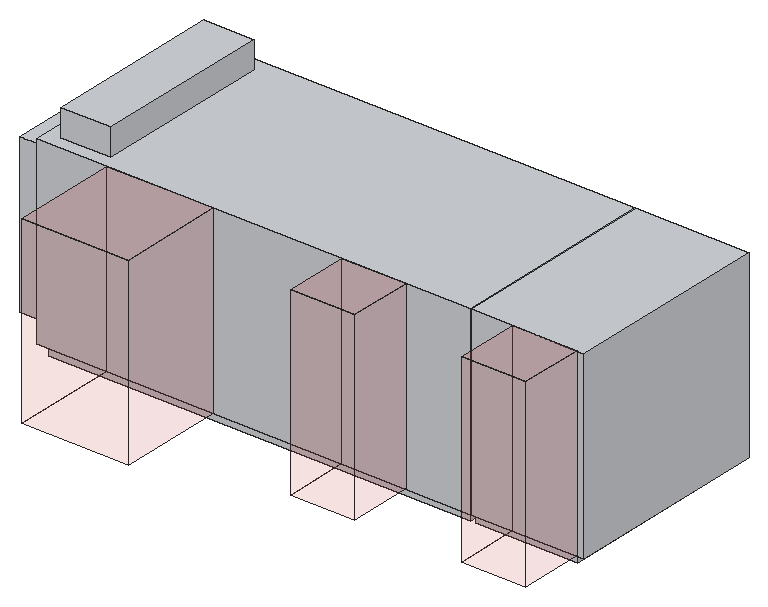
Revit family "Metric WinTADS Template 5", category Mechanical Equipment, Revit 2017
Family settings
  Round Connector Dimension = Use Diameter
  Part Type = Normal
  OmniClass Number = 23.75.00.00
  OmniClass Title = Climate Control (HVAC)
  Work Plane-Based = No
  Always vertical = Yes
  Cut with Voids When Loaded = No
  Shared = No
  Room Calculation Point = No
Parameters
  Mass = 907.022 kg
Reference planes
  plane 1 "Center (Front/Back)": y = 0
  plane 2: z = 0
  plane 3 "Center (Left/Right)": x = 0
Forms (mm)
  Extrusion 1, solid
    sketch origin (0, 0, 0) x (1, 0, 0) y (0, 1, 0)
      loop
        line (-200, 1438) -> (-200, 100) -> (0, 100) -> (0, 1438) -> (-200, 1438)
    from 100 to 1278
  Extrusion 2, solid
    sketch origin (0, 0, 0) x (1, 0, 0) y (0, 1, 0)
      loop
        line (100, 1438) -> (100, 100) -> (478, 100) -> (478, 1438) -> (100, 1438)
    from 1378 to 1578
  Extrusion 3, solid
    sketch origin (0, 0, 0) x (1, 0, 0) y (0, 1, 0)
      loop
        line (4048.543, 1489) -> (4048.543, 49) -> (4049.457, 49) -> (4049.457, 1489) -> (4048.543, 1489)
    from 49 to 1329
  Extrusion 4, solid
    sketch origin (0, 0, 0) x (1, 0, 0) y (0, 1, 0)
      loop
        line (0, 1538) -> (0, 0) -> (3249, 0) -> (3249, 1538) -> (0, 1538)
    from 0 to 1378
  Extrusion 5, solid
    sketch origin (0, 0, 0) x (1, 0, 0) y (0, 1, 0)
      loop
        line (3249, 1538) -> (3249, 0) -> (4098, 0) -> (4098, 1538) -> (3249, 1538)
    from 0 to 1378
  Extrusion 6, solid
    sketch origin (0, 0, 0) x (1, 0, 0) y (0, 1, 0)
      loop
        line (69, 75.5) -> (69, 26.5) -> (3229, 26.5) -> (3229, 75.5) -> (69, 75.5)
    from -62 to 0
  Extrusion 7, solid
    sketch origin (0, 0, 0) x (1, 0, 0) y (0, 1, 0)
      loop
        line (69, 1511.5) -> (69, 1462.5) -> (3229, 1462.5) -> (3229, 1511.5) -> (69, 1511.5)
    from -62 to 0
  Extrusion 8, solid
    sketch origin (0, 0, 0) x (1, 0, 0) y (0, 1, 0)
      loop
        line (69, 1462.5) -> (69, 75.5) -> (118, 75.5) -> (118, 1462.5) -> (69, 1462.5)
    from -62 to 0
  Extrusion 9, solid
    sketch origin (0, 0, 0) x (1, 0, 0) y (0, 1, 0)
      loop
        line (3180, 1462.5) -> (3180, 75.5) -> (3229, 75.5) -> (3229, 1462.5) -> (3180, 1462.5)
    from -62 to 0
  Extrusion 10, solid
    sketch origin (0, 0, 0) x (1, 0, 0) y (0, 1, 0)
      loop
        line (3269, 75.5) -> (3269, 26.5) -> (4029, 26.5) -> (4029, 75.5) -> (3269, 75.5)
    from -62 to 0
  Extrusion 11, solid
    sketch origin (0, 0, 0) x (1, 0, 0) y (0, 1, 0)
      loop
        line (3269, 1511.5) -> (3269, 1462.5) -> (4029, 1462.5) -> (4029, 1511.5) -> (3269, 1511.5)
    from -62 to 0
  Extrusion 12, solid
    sketch origin (0, 0, 0) x (1, 0, 0) y (0, 1, 0)
      loop
        line (3269, 1462.5) -> (3269, 75.5) -> (3318, 75.5) -> (3318, 1462.5) -> (3269, 1462.5)
    from -62 to 0
  Extrusion 13, solid
    sketch origin (0, 0, 0) x (1, 0, 0) y (0, 1, 0)
      loop
        line (3980, 1462.5) -> (3980, 75.5) -> (4029, 75.5) -> (4029, 1462.5) -> (3980, 1462.5)
    from -62 to 0
  Extrusion 14, solid, material "Clearance Zones"
    sketch origin (0, 0, 0) x (1, 0, 0) y (0, 1, 0)
      loop
        line (529, 0) -> (529, -800) -> (1329, -800) -> (1329, 0) -> (529, 0)
    from 0 to 1378
  Extrusion 15, solid, material "Clearance Zones"
    sketch origin (0, 0, 0) x (1, 0, 0) y (0, 1, 0)
      loop
        line (2289, 0) -> (2289, -480) -> (2769, -480) -> (2769, 0) -> (2289, 0)
    from 0 to 1378
  Extrusion 16, solid, material "Clearance Zones"
    sketch origin (0, 0, 0) x (1, 0, 0) y (0, 1, 0)
      loop
        line (3569, 0) -> (3569, -480) -> (4049, -480) -> (4049, 0) -> (3569, 0)
    from 0 to 1378
Dimensions and locks
  aligned and locked: level to plane 2
Connectors
  hvac at (289, 769, 1578)
    settings: on Extrusion 2, index 6, duct flow 3472.22 L/s, flow factor 0, pres drop 29.7178 Pa, loss coef 0, conn angle 0.00°, conn width 378 mm, conn height 1338 mm, conn diameter 609.6 mm, duct sys type 1, conn prof type 1, flow config 0, flow direction 1, loss method 4, conn ref index -1, conn util no, is conn primary yes, conn desc ""
  hvac at (4049.457, 769, 689)
    settings: on Extrusion 3, index 31, duct flow 3472.22 L/s, flow factor 0, pres drop 2.0 Pa, loss coef 0, conn angle 0.00°, conn width 1440 mm, conn height 1280 mm, conn diameter 609.6 mm, duct sys type 1, conn prof type 1, flow config 0, flow direction 2, loss method 4, conn ref index -1, conn util no, is conn primary no, conn desc ""
  hvac at (-200, 769, 689)
    settings: on Extrusion 1, index 35, duct flow 3472.22 L/s, flow factor 0, pres drop 3.18265 Pa, loss coef 0, conn angle 0.00°, conn width 1338 mm, conn height 1178 mm, conn diameter 609.6 mm, duct sys type 1, conn prof type 1, flow config 0, flow direction 1, loss method 4, conn ref index -1, conn util no, is conn primary no, conn desc ""
